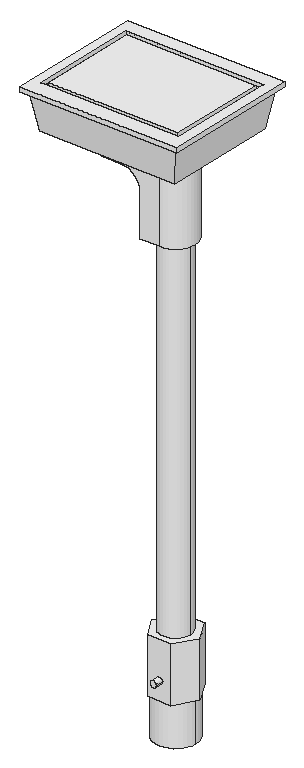
Revit family "Plumbing Fixture-Wall and Ground_Hydrant_Mifab_MHY-61", category Plumbing Fixtures, host Face, Revit 2013
Parameters (values of type "MHY-61-2")
  WFU = 0
  URL = "www.mifab.com"
  Model = "MHY-61"
  Manufacturer = "MIFAB"
  Hydrant Material = Chrome Plated
  Description = "Lawn / Ground Hydrant"
  Default Elevation = 0.000"
  Bury Depth = 24.000"
Types (8): name | Bury Depth
  (no name) | 24.000"
  MHY-61-2 | 24.000"
  MHY-61-3 | 36.000"
  MHY-61-4 | 48.000"
  MHY-61-5 | 60.000"
  MHY-61-6 | 72.000"
  MHY-61-7 | 84.000"
  MHY-61-8 | 96.000"
Reference planes (in)
  plane 1 "Center (Front/Back)": y = 0
  plane 2: z = 0
  plane 3 "Center (Left/Right)": x = 0
  plane 4: z = -20
  plane 5: z = -24
  plane 6: z = -0.2
  plane 7: z = -1.95
  plane 8: z = -5.364
  plane 9: x = 0.966
Forms (in)
  Extrusion 1, solid, material "Chrome Plated" <- "Hydrant Material"
    sketch origin (-0.41379, 0, -10.36788) x (1, 0, 0) y (0, 1, 0)
      loop
        circle (1.38, 0) r 0.625
    from -9.63212 to 5.00388
  Extrusion 2, solid, material "Chrome Plated" <- "Hydrant Material"
    sketch origin (-0.41379, 0, -18.00514) x (1, 0, 0) y (0, 1, 0)
      loop
        line (-1.62512, 0.95206) -> (-1.62512, -0.95974) -> (2.64683, -0.95974) -> (2.64683, 0.95206) -> (-1.62512, 0.95206)
    from 16.05514 to 16.30514
  Extrusion 3, solid, material "Chrome Plated" <- "Hydrant Material"
    sketch origin (-0.41379, 0, -18.00514) x (1, 0, 0) y (0, 1, 0)
      loop
        arc (1.38, -0.8125) -> (2.1925, 0) -> (1.38, 0.8125) r 0.8125
        line (1.38, 0.8125) -> (1.38, -0.8125)
    from 12.64114 to 16.05514
  Extrusion 4, solid, material "Chrome Plated" <- "Hydrant Material"
    sketch origin (-0.41379, 0, -18.00514) x (1, 0, 0) y (0, 0, 1)
      loop
        line (-1.398, 16.05514) -> (-1.398, 15.83003) -> (-1.055, 15.78703) -> (-1.055, 15.1529) -> (-0.24047, 15.1529)
        arc (-0.24047, 15.1529) -> (0.31997, 14.92075) -> (0.55211, 14.36031) r 0.79258
        line (0.55211, 14.36031) -> (0.55211, 12.64114) -> (1.38, 12.64114) -> (1.38, 16.05514) -> (-1.398, 16.05514)
    from -0.8125 to 0.8125
  Extrusion 5, solid
    sketch origin (-0.41379, 0, -18.00514) x (1, 0, 0) y (0, 1, 0)
      loop
        circle (-0.38412, 0) r 0.739
    from 16.30514 to 16.37894
  Extrusion 6, solid
    sketch origin (-0.41379, 0, -18.00514) x (1, 0, 0) y (0, 1, 0)
      loop
        circle (-0.38412, 0) r 0.70723
    from 16.37894 to 16.74065
  Extrusion 7, solid
    sketch origin (-0.41379, 0, -18.00514) x (1, 0, 0) y (0, 1, 0)
      loop
        circle (-0.38412, 0) r 0.444
    from 16.74065 to 17.43692
  Extrusion 8, solid
    sketch origin (-0.41379, 0, -18.00514) x (1, 0, 0) y (0, 1, 0)
      loop
        line (0.7505, 0) -> (1.06525, -0.54516) -> (1.69475, -0.54516) -> (2.0095, 0) -> (1.69475, 0.54516) -> (1.06525, 0.54516) -> (0.7505, 0)
    from 16.30514 to 16.74065
  Extrusion 9, solid
    sketch origin (1.35033, 0, -18.00514) x (1, 0, 0) y (0, 1, 0)
      loop
        circle (-0.38412, 0) r 0.444
    from 16.74065 to 17.3299
  Extrusion 10, solid, material "Chrome Plated" <- "Hydrant Material"
    sketch origin (-0.61086, 0, -10.36788) x (1, 0, 0) y (0, 1, 0)
      loop
        line (-2.46414, 2.60866) -> (-2.46414, -2.60866) -> (3.68586, -2.60866) -> (3.68586, 2.60866) -> (-2.46414, 2.60866)
    from 10.16788 to 8.66788
  Extrusion 11, solid, material "Chrome Plated" <- "Hydrant Material"
    sketch origin (-0.41379, 0, -10.36788) x (1, 0, 0) y (0, 1, 0)
      loop
        line (-2.86121, 2.80866) -> (-2.86121, -2.80866) -> (3.68879, -2.80866) -> (3.68879, 2.80866) -> (-2.86121, 2.80866)
    from 10.16788 to 10.36788
  Extrusion 12, void
    sketch origin (-0.41379, 0, -10.36788) x (1, 0, 0) y (0, 0, 1)
      loop
        line (3.48879, 10.16788) -> (3.2243, 8.66788) -> (3.48879, 8.66788) -> (3.48879, 10.16788)
      loop
        line (-2.66121, 10.16788) -> (-2.66121, 8.66788) -> (-2.39672, 8.66788) -> (-2.66121, 10.16788)
    from -2.60866 to 2.60866
  Extrusion 13, void
    sketch origin (-0.41379, 0, -10.36788) x (0, 1, 0) y (0, 0, 1)
      loop
        line (2.60866, 10.16788) -> (2.34417, 8.66788) -> (2.60866, 8.66788) -> (2.60866, 10.16788)
      loop
        line (-2.60866, 10.16788) -> (-2.60866, 8.66788) -> (-2.34417, 8.66788) -> (-2.60866, 10.16788)
    from -2.66121 to 3.48879
  Revolve 14, solid, material "Chrome Plated" <- "Hydrant Material"
    sketch origin (0, 0, 0) x (1, 0, 0) y (0, 0, 1)
      loop
        line (0.98038, -20) -> (0.13816, -20) -> (0.13816, -24) -> (0.98038, -24) -> (0.98038, -20)
      axis (0.98038, -20) -> (0.98038, -24)
    angle from 0 to 360
  Extrusion 15, solid, material "Chrome Plated" <- "Hydrant Material"
    sketch origin (-8.22916, -180, -20) x (0, -1, 0) y (-1, 0, 0)
      loop
        line (-180.88671, -9.69718) -> (-179.96366, -10.2301) -> (-179.10612, -9.735) -> (-179.10612, -8.73898) -> (-180, -8.2229) -> (-180.88671, -8.73484) -> (-180.88671, -9.69718)
    from 0 to 2.29542
  Extrusion 16, solid, material "Chrome Plated" <- "Hydrant Material"
    sketch origin (0, 0, 0) x (1, 0, 0) y (0, 0, 1)
      loop
        circle (1.00783, -21.54542) r 0.125
    from 0 to 1.18836
  Extrusion 17, void
    sketch origin (0, 0, 0) x (1, 0, 0) y (0, 1, 0)
      loop
        line (-2.88203, 2.22009) -> (-2.88203, -2.22009) -> (2.88203, -2.22009) -> (2.88203, 2.22009) -> (-2.88203, 2.22009)
      loop
        line (-2.68203, 2.02009) -> (-2.68203, -2.02009) -> (2.68203, -2.02009) -> (2.68203, 2.02009) -> (-2.68203, 2.02009)
    from 0 to -0.13364
Cuts and joins
  Extrusion 17 cuts Extrusion 1
  Extrusion 17 cuts Extrusion 2
  Extrusion 17 cuts Extrusion 3
  Extrusion 17 cuts Extrusion 4
  Extrusion 12, Extrusion 13, Extrusion 17 cuts Extrusion 10
  Extrusion 17 cuts Extrusion 11
  Extrusion 17 cuts Revolve 14
  Extrusion 17 cuts Extrusion 15
  Extrusion 17 cuts Extrusion 16
  joined: Extrusion 1, Extrusion 2, Extrusion 3, Extrusion 4, Extrusion 10, Extrusion 11, Revolve 14, Extrusion 15, Extrusion 16
Lines and regions (in)
  symbolic lines, style "PlumbingFixtures"
    curve 1: line (-3.38528, 2.8125, 0) -> (3.36472, 2.8125, 0)
    curve 2: line (-3.38528, -2.8125, 0) -> (-3.38528, 2.8125, 0)
    curve 3: line (3.36472, -2.8125, 0) -> (-3.38528, -2.8125, 0)
    curve 4: line (3.36472, 2.8125, 0) -> (3.36472, -2.8125, 0)
Dimensions and locks (in)
  locked: Extrusion 11 sketch curve to Extrusion 11 sketch curve at 5.61731
  locked: Extrusion 11 sketch curve to Extrusion 11 sketch curve at 6.55
  locked: Extrusion 11 to Extrusion 11 at 0.2
  Extrusion 11 sketch curve to Extrusion 11 sketch curve = 5.61731"
  locked: plane 4 to plane 5 at 4
  locked: plane 7 to plane 8 at 3.414
  locked: plane 6 to plane 8 at 5.164
  curve 2 to curve 4 = 6.750"  (x2)
  curve 4 to curve 2 = 6.750"
  plane 3 "Center (Left/Right)" to plane 9 = 0.966"
  "Bury Depth": level to plane 5
  aligned and locked: plane 2 to host face
  aligned and locked: level to host face
  aligned and locked: Extrusion 4 to Extrusion 1
  aligned and locked: Extrusion 2 to Extrusion 10
  aligned and locked: Extrusion 11 to Extrusion 10
  aligned and locked: Extrusion 12 to Extrusion 10
  aligned and locked: Extrusion 13 to Extrusion 10  (x2)
  aligned and locked: Extrusion 3 to Extrusion 1
  aligned and locked: Extrusion 4 to Extrusion 3
  aligned and locked: Extrusion 4 to Extrusion 2
  aligned and locked: Extrusion 13 to Extrusion 2
  aligned and locked: Extrusion 13 to Extrusion 5
  aligned and locked: Extrusion 3 to Extrusion 2
  aligned and locked: Extrusion 3 to Extrusion 4
  aligned and locked: Extrusion 11 to plane 6
  aligned and locked: Extrusion 13 to Extrusion 8
  aligned and locked: Extrusion 2 to Extrusion 5
  aligned and locked: Extrusion 8 to Extrusion 2
  aligned and locked: Extrusion 5 to Extrusion 8
  aligned and locked: Extrusion 6 to Extrusion 5
  aligned and locked: Extrusion 6 to Extrusion 7
  aligned and locked: Extrusion 7 to Extrusion 8
  aligned and locked: Extrusion 6 to Extrusion 9
  aligned and locked: Extrusion 8 to Extrusion 6
  aligned and locked: plane 6 to Extrusion 11
  aligned and locked: level to Extrusion 11
  aligned and locked: Extrusion 1 to plane 4
  aligned and locked: plane 7 to Extrusion 2
  aligned and locked: Extrusion 3 to plane 8
  aligned and locked: host face to Extrusion 11
  aligned and locked: plane 5 to Revolve 14 sketch curve
  aligned and locked: Extrusion 16 to plane 1 "Center (Front/Back)"
Automatic sketch dimensions
  curve 1 to plane 3 "Center (Left/Right)" = 3.38528"
  plane 1 "Center (Front/Back)" to curve 4 = 2.8125"
  curve 1 to plane 1 "Center (Front/Back)" = 2.8125"
  host sketch curve to host sketch curve = 20.58785"
  host sketch curve to host sketch curve = 16.42037"
  plane 1 "Center (Front/Back)" to Extrusion 1 sketch curve = 0.000"
  plane 3 "Center (Left/Right)" to Extrusion 1 sketch curve = 0.96621"
  Extrusion 2 sketch curve to plane 1 "Center (Front/Back)" = 0.95206"
  Extrusion 2 sketch curve to plane 3 "Center (Left/Right)" = 2.03891"
  plane 1 "Center (Front/Back)" to Extrusion 2 sketch curve = 0.95974"
  plane 3 "Center (Left/Right)" to Extrusion 2 sketch curve = 2.23304"
  plane 3 "Center (Left/Right)" to Extrusion 3 sketch curve = 0.96621"
  plane 1 "Center (Front/Back)" to Extrusion 3 sketch curve = 0.8125"
  plane 1 "Center (Front/Back)" to Extrusion 3 sketch curve = 0.000"
  Extrusion 4 sketch curve to plane 7 = 0.000"
  Extrusion 4 sketch curve to plane 8 = 0.000"
  Extrusion 4 sketch curve to plane 3 "Center (Left/Right)" = 1.81179"
  plane 3 "Center (Left/Right)" to Extrusion 4 sketch curve = 0.13832"
  Extrusion 4 sketch curve to plane 7 = 1.69483"
  Extrusion 4 sketch curve to Extrusion 4 sketch curve = 0.343"
  Extrusion 4 sketch curve to plane 3 "Center (Left/Right)" = 0.65426"
  plane 3 "Center (Left/Right)" to Extrusion 4 sketch curve = 0.96621"
  Extrusion 4 sketch curve to plane 7 = 0.26811"
  Extrusion 4 sketch curve to plane 7 = 0.22511"
  plane 1 "Center (Front/Back)" to Extrusion 5 sketch curve = 0.000"
  Extrusion 5 sketch curve to plane 3 "Center (Left/Right)" = 0.79791"
  plane 1 "Center (Front/Back)" to Extrusion 6 sketch curve = 0.000"
  Extrusion 6 sketch curve to plane 3 "Center (Left/Right)" = 0.79791"
  plane 1 "Center (Front/Back)" to Extrusion 7 sketch curve = 0.000"
  Extrusion 7 sketch curve to plane 3 "Center (Left/Right)" = 0.79791"
  plane 1 "Center (Front/Back)" to Extrusion 8 sketch curve = 0.000"  (x2)
  plane 3 "Center (Left/Right)" to Extrusion 8 sketch curve = 0.33671"
  plane 1 "Center (Front/Back)" to Extrusion 8 sketch curve = 0.54516"
  Extrusion 8 sketch curve to Extrusion 8 sketch curve = 0.31475"  (x3)
  Extrusion 8 sketch curve to plane 1 "Center (Front/Back)" = 0.54516"
  Extrusion 8 sketch curve to Extrusion 8 sketch curve = 0.6295"  (x2)
  plane 1 "Center (Front/Back)" to Extrusion 9 sketch curve = 0.000"
  plane 3 "Center (Left/Right)" to Extrusion 9 sketch curve = 0.96621"
  Extrusion 10 sketch curve to plane 3 "Center (Left/Right)" = 3.075"
  plane 1 "Center (Front/Back)" to Extrusion 10 sketch curve = 2.60866"
  plane 3 "Center (Left/Right)" to Extrusion 10 sketch curve = 3.075"
  Extrusion 10 sketch curve to plane 1 "Center (Front/Back)" = 2.60866"
  Extrusion 11 sketch curve to plane 3 "Center (Left/Right)" = 3.275"
  plane 1 "Center (Front/Back)" to Extrusion 11 sketch curve = 2.80866"
  Extrusion 12 sketch curve to plane 6 = 0.000"  (x2)
  Extrusion 12 sketch curve to plane 3 "Center (Left/Right)" = 3.075"
  plane 7 to Extrusion 12 sketch curve = 0.250"  (x2)
  Extrusion 12 sketch curve to Extrusion 12 sketch curve = 0.26449"  (x2)
  plane 3 "Center (Left/Right)" to Extrusion 12 sketch curve = 2.81051"
  Extrusion 13 sketch curve to plane 6 = 0.000"  (x2)
  plane 1 "Center (Front/Back)" to Extrusion 13 sketch curve = 2.60866"
  plane 7 to Extrusion 13 sketch curve = 0.250"  (x2)
  Extrusion 13 sketch curve to Extrusion 13 sketch curve = 0.26449"  (x2)
  Extrusion 13 sketch curve to plane 1 "Center (Front/Back)" = 2.34417"
  plane 1 "Center (Front/Back)" to Extrusion 15 sketch curve = 0.000"
  Extrusion 15 sketch curve to plane 3 "Center (Left/Right)" = 0.00626"
  Extrusion 15 sketch curve to plane 1 "Center (Front/Back)" = 0.88671"
  plane 1 "Center (Front/Back)" to Extrusion 15 sketch curve = 0.03634"
  plane 1 "Center (Front/Back)" to Extrusion 15 sketch curve = 0.89388"
  Extrusion 15 sketch curve to plane 9 = 0.46032"
  Extrusion 15 sketch curve to plane 9 = 0.45618"
  plane 9 to Extrusion 15 sketch curve = 0.50202"
  plane 9 to Extrusion 15 sketch curve = 0.53985"
  Extrusion 15 sketch curve to Extrusion 15 sketch curve = 0.4951"
  Revolve 14 sketch curve to plane 4 = 0.000"  (x2)
  plane 3 "Center (Left/Right)" to Revolve 14 sketch curve = 0.13816"
  Revolve 14 sketch curve to Revolve 14 sketch curve = 0.84223"
  Revolve 14 sketch curve to Revolve 14 sketch curve = 0.000"
  Revolve 14 sketch curve to Revolve 14 sketch curve = 1.739"
  plane 3 "Center (Left/Right)" to Extrusion 16 sketch curve = 1.00783"
  Extrusion 16 sketch curve to plane 4 = 1.54542"
  Extrusion 17 sketch curve to plane 3 "Center (Left/Right)" = 2.88203"
  plane 1 "Center (Front/Back)" to Extrusion 17 sketch curve = 2.22009"
  Extrusion 17 sketch curve to Extrusion 17 sketch curve = 0.200"  (x4)
  plane 3 "Center (Left/Right)" to Extrusion 17 sketch curve = 2.68203"
  Extrusion 17 sketch curve to plane 1 "Center (Front/Back)" = 2.02009"
  radius of Extrusion 1 sketch curve = 0.625"
  radius of Extrusion 5 sketch curve = 0.739"
  radius of Extrusion 6 sketch curve = 0.70723"
  radius of Extrusion 7 sketch curve = 0.444"
  radius of Extrusion 9 sketch curve = 0.444"
  radius of Extrusion 16 sketch curve = 0.125"
Connectors (in)
  piping at (0.98038, 0, -24)
    settings: on cut or joined group of Extrusion 1, Extrusion 2, Extrusion 3, Extrusion 4, Extrusion 10, Extrusion 11, Extrusion 12, Extrusion 13, Revolve 14, Extrusion 15, Extrusion 16, Extrusion 17, index 1, connector radius 3/8", flow factor 0, pipe flow 0 GPM, pressure drop 0.00 psi, fitting loss kfactor 0, connector angle 0.00°, fixture units 0, engagement length 0.000", flow configuration 0, flow direction 0, fitting loss method 0, system type 7, joint type 0, gender type 0, connector reference index -1, connector utility 0, adjustable connector no, is connector primary yes, fitting loss table "", connector description "Inlet"
  piping at (0.96621, 0, -0.67524)
    settings: on Extrusion 9, index 2, connector radius 3/8", flow factor 0, pipe flow 0 GPM, pressure drop 0.00 psi, fitting loss kfactor 0, connector angle 0.00°, fixture units 0, engagement length 0.000", flow configuration 0, flow direction 0, fitting loss method 0, system type 7, joint type 0, gender type 0, connector reference index -1, connector utility 0, adjustable connector no, is connector primary no, fitting loss table "", connector description "Male Hose"
